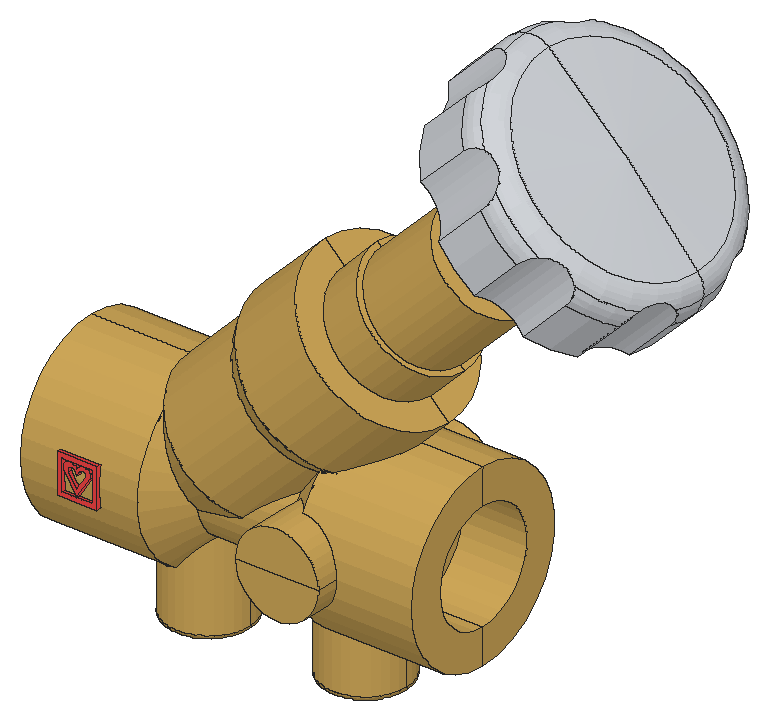
Revit family "HERZ Shut-off valve 4125 AD", category Rohrzubehör, Revit 2020
Family settings
  Bemaßung runder Anschluss = Durchmesser verwenden
  Teiletyp = Unterbricht
  OmniClass-Nummer = 23.65.55.14
  OmniClass-Titel = Valves for Liquid Services
  Arbeitsebenenbasiert = Nein
  Immer vertikal = Ja
  Beim Laden mit Abzugskörper schneiden = Nein
  Gemeinsam genutzt = Nein
Parameters
  W01 = 45.00°  # constant formula
  Vorgabe-Ansicht = 0.000 mm
  URL = "www.herzvalves.com"
  Spindle = "brass CW617N\r"  # constant formula
  SW01 = 60.00°  # constant formula
  SC_NennweiteBerechnet [instance] = 0
  SC_Dimension [instance] = ""
  SCRNSEQ = "ARM;ARM_TYP=\"ABSV\";2"
  SCRNCODE = "05;07;02"  # constant formula
  S03 = 60.000 mm  # constant formula
  S02 [instance] = L06 + L09 + L12 + L15  # 113.800 mm
  S01 [instance] = R01 * 2  # 41.000 mm
  R12 [instance] = R01 - 1.000 mm  # 19.500 mm
  R11 [instance] = size_lookup("4125AD_", "R11", 1.000 mm, Nennweite)  # 6.000 mm
  R100 = 1.000 mm  # constant formula
  R10 [instance] = size_lookup("4125AD_", "R10", 1.000 mm, Nennweite)  # 9.000 mm
  R09 [instance] = size_lookup("4125AD_", "R9", 1.000 mm, Nennweite)  # 12.750 mm
  R08 [instance] = size_lookup("4125AD_", "R8", 1.000 mm, Nennweite)  # 14.000 mm
  R07 [instance] = size_lookup("4125AD_", "R7", 1.000 mm, Nennweite)  # 20.000 mm
  R06 [instance] = size_lookup("4125AD_", "R6", 1.000 mm, Nennweite)  # 17.750 mm
  R05 [instance] = Nennweite / 2  # 12.500 mm
  R04 [instance] = size_lookup("4125AD_", "R4", 1.000 mm, Nennweite)  # 9.500 mm
  R03 = 9.500 mm  # constant formula
  R02 [instance] = Nennweite / 2  # 12.500 mm
  R01 [instance] = size_lookup("4125AD_", "R1", 1.000 mm, Nennweite)  # 20.500 mm
  Upper part = "DZR brass CW602N"  # constant formula
  Part number [instance] = size_lookup("4125AD_", "Artnr", 0, Nennweite)  # 1412573
  Nennweite [instance] = 25.000 mm
  Model = "STRÖMAX-D shut-off valve, inclined model, same as 4125 D,\r\nhowever with 2 bores for draining fittings, 1 screw plug 272 installed.\r\nDrain cocks must be ordered separately."
  Medium = "Heating water according ÖNORM H5195 or VDI- Standard 2035.\r\nThe use of ethylene- or propylene glycol in a mixing ratio 25- 50% is allowed."
  Max. differential pressure on closed seat = 1000000.0 Pa  # constant formula
  Max. operating temperature = 110 °C  # constant formula
  Max. operating pressure = 2000000.0 Pa  # constant formula
  L16 [instance] = L01 / 2  # 13.500 mm
  L15 [instance] = size_lookup("4125AD_", "L15", 1.000 mm, Nennweite)  # 12.400 mm
  L14 [instance] = size_lookup("4125AD_", "L14", 1.000 mm, Nennweite)  # 12.000 mm
  L12 [instance] = size_lookup("4125AD_", "L12", 1.000 mm, Nennweite)  # 43.400 mm
  L11 [instance] = size_lookup("4125AD_", "L11", 1.000 mm, Nennweite)  # 22.400 mm
  L10 [instance] = size_lookup("4125AD_", "L10", 1.000 mm, Nennweite)  # 11.000 mm
  L09 [instance] = size_lookup("4125AD_", "L9", 1.000 mm, Nennweite)  # 19.500 mm
  L08 [instance] = size_lookup("4125AD_", "L8", 1.000 mm, Nennweite)  # 34.000 mm
  L07 [instance] = size_lookup("4125AD_", "L7", 1.000 mm, Nennweite)  # 18.000 mm
  L06 [instance] = size_lookup("4125AD_", "L6", 1.000 mm, Nennweite) - L09  # 38.500 mm
  L05 [instance] = size_lookup("4125AD_", "L5", 1.000 mm, Nennweite)  # 25.500 mm
  L04 [instance] = size_lookup("4125AD_", "L4", 1.000 mm, Nennweite)  # 25.500 mm
  L03 = 15.000 mm  # constant formula
  L02 [instance] = size_lookup("4125AD_", "L2", 1.000 mm, Nennweite)  # 11.000 mm
  L01 [instance] = size_lookup("4125AD_", "L1", 1.000 mm, Nennweite)  # 27.000 mm
  L00 [instance] = size_lookup("4125AD_", "L", 1.000 mm, Nennweite)  # 90.000 mm
  Cone = "DZR brass CW602N"  # constant formula
  Hersteller = "HERZ Armaturen Ges.m.b.H."  # constant formula
  Hand wheel = "Polyamide"  # constant formula
  H01 [instance] = size_lookup("4125AD_", "H1", 1.000 mm, Nennweite)  # 32.000 mm
  Sealing = "EPDM"  # constant formula
  DN80 [instance] = Nennweite = 80.000 mm  # no
  DN65 [instance] = Nennweite = 65.000 mm  # no
  DN50 [instance] = Nennweite = 50.000 mm  # no
  DN40 [instance] = Nennweite = 40.000 mm  # no
  DN32 [instance] = Nennweite = 32.000 mm  # no
  DN25-DN80 [instance] = or(Nennweite = 25.000 mm, Nennweite = 32.000 mm, Nennweite = 40.000 mm, Nennweite = 50.000 mm, Nennweite = 65.000 mm, Nennweite = 80.000 mm)  # yes
  DN25 [instance] = Nennweite = 25.000 mm  # yes
  DN20 [instance] = Nennweite = 20.000 mm  # no
  DN15 [instance] = Nennweite = 15.000 mm  # no
  DN [instance] = 0.000 mm
  Body = "casted DZR brass CC752S"  # constant formula
  Application = "Reliable shutting of pipes in heating and cooling systems."
Reference planes
  plane 1 "Mitte (Vorne/hinten)": y = 0
  plane 2: z = 0
  plane 3 "Mitte (Links/rechts)": x = 0
Forms (mm)
  Revolve 1, solid, material "Messing, weicher Gelbton, geschweißt", detail levels fine
    sketch origin (470, 0, 0) x (1, 0, 0) y (0, 0, 1)
      loop
        line (-515, 12.5) -> (-500, 12.5) -> (-500, 0) -> (-440, 0) -> (-440, 12.5) -> (-425, 12.5) -> (-425, 20.5) -> (-452, 20.5) -> (-459, 12.5) -> (-481, 12.5) -> (-488, 20.5) -> (-515, 20.5) -> (-515, 12.5)
      axis (-515, 0) -> (-425, 0)
    angle from 0 to 360
  Revolve 2, solid, material "Messing, weicher Gelbton, geschweißt", detail levels fine
    sketch origin (470, 0, 0) x (1, 0, 0) y (0, 0, 1)
      loop
        line (-497.5, 0) -> (-497.5, -31)
        arc (-497.5, -31) -> (-497.207, -31.707) -> (-496.5, -32) r 1
        line (-496.5, -32) -> (-488, -32) -> (-488, 0) -> (-497.5, 0)
      axis (-488, 0) -> (-488, -32)
    angle from 0 to 360
  Revolve 3, solid, material "Messing, weicher Gelbton, geschweißt", detail levels fine
    sketch origin (0, 0, 0) x (1, 0, 0) y (0, 1, 0)
      loop
        line (18, -25.5) -> (27.5, -25.5) -> (27.5, 25.5) -> (18, 25.5) -> (18, -25.5)
      axis (18, -25.5) -> (18, 25.5)
    angle from 0 to 360
  Revolve 4, solid, material "Messing, weicher Gelbton, geschweißt", visible <- "DN25-DN80", detail levels fine
    sketch origin (-470, 0, 0) x (-1, 0, 0) y (0, 0, 1)
      loop
        line (-497.5, 0) -> (-497.5, -31)
        arc (-497.5, -31) -> (-497.207, -31.707) -> (-496.5, -32) r 1
        line (-496.5, -32) -> (-488, -32) -> (-488, 0) -> (-497.5, 0)
      axis (-488, 0) -> (-488, -32)
    angle from 0 to 360
  Revolve 5, solid, material "Messing, weicher Gelbton, geschweißt", detail levels fine
    sketch origin (0.32, 0, -0.105) x (1, 0, 0) y (0, 0, 1)
      loop
        line (-18.32, 0) -> (62.149, 80.469) -> (57.906, 84.711) -> (49.138, 75.943) -> (47.017, 78.065) -> (39.946, 70.994) -> (37.294, 73.645) -> (21.455, 57.806) -> (20.571, 58.69) -> (12.793, 50.912) -> (8.55, 55.154) -> (-5.239, 41.366) -> (-6.83, 36.593) -> (-22.386, 21.036) -> (-27.159, 8.839) -> (-18.32, 0)
      axis (-18.32, 0) -> (62.149, 80.469)
    angle from 0 to 360
Lines and regions (mm)
  model lines, detail levels coarse+medium
    curve 1: line (-45, 0, 20.5) -> (-45, 0, -20.5)
    curve 2: line (-45, 0, -20.5) -> (45, 0, 20.5)
    curve 3: line (45, 0, 20.5) -> (45, 0, -20.5)
    curve 4: line (45, 0, -20.5) -> (-45, 0, 20.5)
    curve 5: line (0, 0, 0) -> (56.9, 0, 98.554)
    curve 6: line (30.919, 0, 113.554) -> (82.881, 0, 83.554)
    curve 7: line (-45, -20.5, 0) -> (-45, 20.5, 0)
    curve 8: line (-45, 20.5, 0) -> (45, -20.5, 0)
    curve 9: line (45, -20.5, 0) -> (45, 20.5, 0)
    curve 10: line (45, 20.5, 0) -> (-45, -20.5, 0)
    curve 11: line (0, 0, 0) -> (56.9, 98.554, 0)
    curve 12: line (30.919, 113.554, 0) -> (82.881, 83.554, 0)
Dimensions and locks
  "H01": plane 2 to Revolve 2 sketch curve
  "L00": Revolve 1 sketch curve to Revolve 1 sketch curve
  equal spacing: Revolve 1 sketch curve, plane 3 "Mitte (Links/rechts)", Revolve 1 sketch curve
  "R01": Revolve 1 sketch curve to Revolve 1 sketch curve  (x2)
  "R02": Revolve 1 sketch curve to Revolve 1 sketch curve  (x3)
  "L01": Revolve 1 sketch curve to Revolve 1 sketch curve  (x2)
  "L02": plane 3 "Mitte (Links/rechts)" to Revolve 1 sketch curve
  "L02": Revolve 1 sketch curve to plane 3 "Mitte (Links/rechts)"
  "L03": Revolve 1 sketch curve to Revolve 1 sketch curve  (x2)
  "L01": Revolve 1 to Revolve 2 sketch curve
  "R03": Revolve 2 sketch curve to Revolve 2 sketch curve
  "L01": Revolve 4 sketch curve to Revolve 1
  "R03": Revolve 4 sketch curve to Revolve 4 sketch curve
  "H01": plane 2 to Revolve 4 sketch curve
  "L04": Revolve 3 sketch curve to plane 1 "Mitte (Vorne/hinten)"
  "L05": plane 1 "Mitte (Vorne/hinten)" to Revolve 3 sketch curve
  "R04": Revolve 3 sketch curve to Revolve 3 sketch curve
  "L01": Revolve 3 sketch curve to Revolve 1
  "R07": Revolve 5 sketch curve to Revolve 5 sketch curve
  "L07": plane 3 "Mitte (Links/rechts)" to Revolve 5 sketch curve
  "R05": Revolve 5 sketch curve to Revolve 5 sketch curve
  "L06": Revolve 5 sketch curve to Revolve 5 sketch curve
  "L08": Revolve 5 sketch curve to Revolve 5 sketch curve
  "R06": Revolve 5 sketch curve to Revolve 5 sketch curve
  "L14": Revolve 5 sketch curve to Revolve 5 sketch curve
  "L09": Revolve 5 sketch curve to Revolve 5 sketch curve
  "R08": Revolve 5 sketch curve to Revolve 5 sketch curve
  "L10": Revolve 5 sketch curve to Revolve 5 sketch curve
  "R09": Revolve 5 sketch curve to Revolve 5 sketch curve
  "R10": Revolve 5 sketch curve to Revolve 5 sketch curve
  "L12": Revolve 5 sketch curve to Revolve 5 sketch curve
  "R11": Revolve 5 sketch curve to Revolve 5 sketch curve
  "L15": Revolve 5 sketch curve to Revolve 5 sketch curve
  "L11": Revolve 5 sketch curve to Revolve 5 sketch curve
  "R12": nested 9 to plane 1 "Mitte (Vorne/hinten)"
  "L16": Revolve 1 to nested 9
  equal spacing: curve 1, plane 3 "Mitte (Links/rechts)", curve 3
  "L00": curve 1 to curve 3
  equal spacing: curve 4, plane 2, curve 2
  "S01": curve 4 to curve 1
  "S01": curve 3 to curve 4
  equal spacing: curve 3, plane 2, curve 4
  "S02": curve 5 to curve 5
  equal spacing: curve 6, curve 5, curve 6
  "S03": curve 6 to curve 6
  equal spacing: curve 7, plane 3 "Mitte (Links/rechts)", curve 9
  "L00": curve 7 to curve 9
  equal spacing: curve 10, plane 1 "Mitte (Vorne/hinten)", curve 8
  "S01": curve 8 to curve 10
  equal spacing: curve 9, plane 1 "Mitte (Vorne/hinten)", curve 10
  "S01": curve 10 to curve 9
  "S02": curve 11 to curve 11
  equal spacing: curve 12, curve 11, curve 12
  "S03": curve 12 to curve 12
  "R100": radius of Revolve 2 sketch curve
  "R100": radius of Revolve 4 sketch curve
  "W01": angle plane 2 to Revolve 5 sketch curve
  "W01": angle level to Revolve 5 sketch curve
  "SW01": angle plane 2 to curve 5
  "SW01": angle plane 1 "Mitte (Vorne/hinten)" to curve 11
  aligned and locked: level to plane 2
Automatic sketch dimensions
  curve 5 to level = 0.000 mm
  plane 1 "Mitte (Vorne/hinten)" to curve 11 = 0.000 mm
  Revolve 1 sketch curve to level = 0.000 mm  (x2)
  Revolve 1 sketch curve to Revolve 1 sketch curve = 791.990 mm
  Revolve 1 sketch curve to Revolve 1 sketch curve = 2278.983 mm
  Revolve 2 sketch curve to level = 0.000 mm  (x2)
  Revolve 2 sketch curve to Revolve 2 sketch curve = 0.000 mm
  Revolve 2 sketch curve to Revolve 2 sketch curve = 0.292 mm
  Revolve 3 sketch curve to Revolve 3 sketch curve = 0.000 mm  (x3)
  Revolve 4 sketch curve to level = 0.000 mm  (x2)
  Revolve 4 sketch curve to Revolve 4 sketch curve = 0.000 mm
  Revolve 4 sketch curve to Revolve 4 sketch curve = 0.292 mm
  Revolve 5 sketch curve to level = 0.105 mm
  Revolve 5 sketch curve to Revolve 5 sketch curve = 0.000 mm  (x2)
Nested families
  nested 1: "Strömax-Handrad_Schrägsitz" at (42.584, 0, 54.979), visible <- "DN15", type "Strömax-Handrad_Schrägsitz", detail levels fine
    with Nennweite 0.000 mm, Gewicht 0.00 kg, Bestellnummer 0
  nested 2: "Strömax-Handrad_Schrägsitz" at (54.312, 0, 67.707), visible <- "DN20", type "Strömax-Handrad_Schrägsitz", detail levels fine
    with Nennweite 0.000 mm, Gewicht 0.00 kg, Bestellnummer 0
  nested 3: "Strömax-Handrad_Schrägsitz" at (62.469, 0, 80.364), visible <- "DN25", type "Strömax-Handrad_Schrägsitz", detail levels fine
    with Nennweite 0.000 mm, Gewicht 0.00 kg, Bestellnummer 0
  nested 4: "Strömax-Handrad_Schrägsitz" at (71.712, 0, 91.607), visible <- "DN32", type "Strömax-Handrad_Schrägsitz", detail levels fine
    with Nennweite 0.000 mm, Gewicht 0.00 kg, Bestellnummer 0
  nested 5: "Strömax-Handrad_Schrägsitz" at (80.399, 0, 101.294), visible <- "DN40", type "Strömax-Handrad_Schrägsitz", detail levels fine
    with Nennweite 0.000 mm, Gewicht 0.00 kg, Bestellnummer 0
  nested 6: "Strömax-Handrad_Schrägsitz" at (97.83, 0, 129.225), visible <- "DN50", type "Strömax-Handrad_Schrägsitz", detail levels fine
    with Nennweite 0.000 mm, Gewicht 0.00 kg, Bestellnummer 0
  nested 7: "Strömax-Handrad_Schrägsitz" at (114.482, 0, 149.378), visible <- "DN65", type "Strömax-Handrad_Schrägsitz", detail levels fine
    with Nennweite 0.000 mm, Gewicht 0.00 kg, Bestellnummer 0
  nested 8: "Strömax-Handrad_Schrägsitz" at (140.423, 0, 183.319), visible <- "DN80", type "Strömax-Handrad_Schrägsitz", detail levels fine
    with Nennweite 0.000 mm, Gewicht 0.00 kg, Bestellnummer 0
  nested 9: "Herz-Logo-vorne" at (-31.5, -20.232, 0) x (0, 1, 0) z (0, 0, 1), type "Herz-Logo-vorne", detail levels fine
Connectors
  piping at (-30, 0, 0), diameter 25, driven by "Nennweite"
    settings: on Revolve 1, index 1, connector inside diameter 609.6 mm, connector length 0.000 mm, flow factor 0, pipe flow 0.0 L/s, pressure drop 0.0 Pa, fitting loss kfactor 0, connector angle 0.00°, fixture units 0, engagement length 0.000 mm, angle of deflection 0.00°, flow configuration 0, flow direction 1, fitting loss method 0, system type 29, joint type 0, gender type 0, connector reference index -1, connector utility 0, adjustable connector no, is connector primary yes, connector description ""
  piping at (30, 0, 0), diameter 25, driven by "Nennweite"
    settings: on Revolve 1, index 2, connector inside diameter 609.6 mm, connector length 0.000 mm, flow factor 0, pipe flow 0.0 L/s, pressure drop 0.0 Pa, fitting loss kfactor 0, connector angle 0.00°, fixture units 0, engagement length 0.000 mm, angle of deflection 0.00°, flow configuration 0, flow direction 2, fitting loss method 0, system type 29, joint type 0, gender type 0, connector reference index -1, connector utility 0, adjustable connector no, is connector primary no, connector description ""
Definition of nested family "Strömax-Handrad_Schrägsitz"
  Parameters (values of type "Strömax-Handrad_Schrägsitz")
    Default Elevation = 0.000 mm
    URL = "www.herz-armaturen.at"
    Nennweite [instance] = 0.000 mm
    Manufacturer = "Herz Armaturen GmbH"  # constant formula
    Gewicht [instance] = 0.00 kg
    Bestellnummer [instance] = 0
  Reference planes
    plane 1 "Mitte (Vorne/hinten)": y = 0
    plane 2: z = 0
    plane 3 "Mitte (Links/rechts)": x = 0
  Forms (mm)
    Revolve 1, solid
      sketch origin (0, 0, 0) x (0.707107, 0, -0.707107) y (0.707107, 0, 0.707107)
        loop
          line (0, 0) -> (0, 22)
          arc (0, 22) -> (-12.15, 21.705) -> (-24.271, 20.819) r 250
          arc (-24.271, 20.819) -> (-26.831, 19.959) -> (-28.754, 18.063) r 6
          arc (-28.754, 18.063) -> (-29.682, 16.008) -> (-30, 13.776) r 8
          line (-30, 13.776) -> (-30, 0) -> (0, 0)
        axis (0, 22) -> (0, 0)
      angle from 0 to 360
    Extrusion 2, void
      sketch origin (0, 0, 0) x (0.707107, 0, -0.707107) y (0, 1, 0)
        loop
          circle (14.351, -34.645) r 10
      from 0 to 22
    Extrusion 3, void
      sketch origin (0, 0, 0) x (-0.707107, 0, 0.707107) y (0, -1, 0)
        loop
          circle (14.351, 34.645) r 10
      from 0 to 22
    Extrusion 4, void
      sketch origin (0, 0, 0) x (0, -1, 0) y (0.707107, 0, -0.707107)
        loop
          circle (14.351, 34.645) r 10
      from 0 to 22
    Extrusion 5, void
      sketch origin (0, 0, 0) x (0, 1, 0) y (-0.707107, 0, 0.707107)
        loop
          circle (14.351, -34.645) r 10
      from 0 to 22
    Extrusion 6, void
      sketch origin (0, 0, 0) x (0, -1, 0) y (0.707107, 0, -0.707107)
        loop
          circle (14.351, -34.645) r 10
      from 0 to 22
    Extrusion 7, void
      sketch origin (0, 0, 0) x (0, 1, 0) y (-0.707107, 0, 0.707107)
        loop
          circle (14.351, 34.645) r 10
      from 0 to 22
    Extrusion 8, void
      sketch origin (0, 0, 0) x (0.707107, 0, -0.707107) y (0, 1, 0)
        loop
          circle (14.351, 34.645) r 10
      from 0 to 22
    Extrusion 9, void
      sketch origin (0, 0, 0) x (-0.707107, 0, 0.707107) y (0, -1, 0)
        loop
          circle (14.351, -34.645) r 10
      from 0 to 22
  Cuts and joins
    Extrusion 2, Extrusion 3, Extrusion 4, Extrusion 5, Extrusion 6, Extrusion 7, Extrusion 8, Extrusion 9 cuts Revolve 1
  Dimensions and locks
    aligned and locked: level to plane 2
Definition of nested family "Herz-Logo-vorne"
  Parameters (values of type "Herz-Logo-vorne")
    Default Elevation = 0.000 mm
  Reference planes
    plane 1 "Mitte (Vorne/hinten)": y = 0
    plane 2: z = 0
    plane 3 "Mitte (Links/rechts)": x = 0
  Forms (mm)
    Extrusion 1, solid
      sketch origin (0.732, -0.018, 0.017) x (0, -1, 0) y (0, 0, 1)
        loop
          line (-0.018, -4.517) -> (4.482, -4.517) -> (4.482, 4.483) -> (-4.518, 4.483) -> (-4.518, -4.517) -> (-0.018, -4.517)
        loop
          line (-0.05, -3.48) -> (3.482, -3.48) -> (3.482, 3.483) -> (-3.518, 3.483) -> (-3.518, -3.48) -> (-0.05, -3.48)
        loop
          arc (-0.018, 2.383) -> (-1.543, 3.287) -> (-3.067, 2.383) r 1.738
          arc (-3.067, 2.383) -> (-3.191, 1.899) -> (-3.067, 1.415) r 1.009
          line (-3.067, 1.415) -> (-0.018, -3.281) -> (3.032, 1.415)
          arc (3.032, 1.415) -> (3.156, 1.899) -> (3.032, 2.383) r 1.009
          arc (3.032, 2.383) -> (1.507, 3.287) -> (-0.018, 2.383) r 1.738
        loop
          arc (1.885, 1.272) -> (2.005, 1.675) -> (1.885, 2.079) r 0.74
          arc (1.885, 2.079) -> (1.265, 2.416) -> (0.644, 2.079) r 0.74
          line (0.644, 2.079) -> (-0.018, 0.97) -> (-0.679, 2.079)
          arc (-0.679, 2.079) -> (-1.3, 2.416) -> (-1.921, 2.079) r 0.74
          arc (-1.921, 2.079) -> (-2.04, 1.675) -> (-1.921, 1.272) r 0.74
          line (-1.921, 1.272) -> (-0.018, -1.658) -> (1.885, 1.272)
      from 0 to 1.5
  Dimensions and locks
    aligned and locked: level to plane 2
